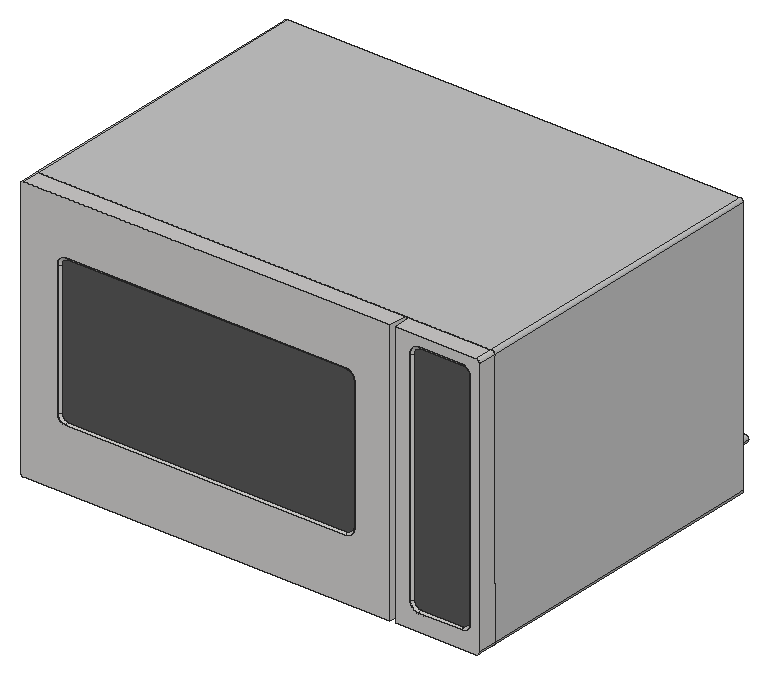
Revit family "FP_Revit_18_CMO-24SS-2_Microwave_90000928A", category Specialty Equipment, Revit 2018
Family settings
  Round Connector Dimension = Use Diameter
  Part Type = Normal
  OmniClass Number = 23.40.40.14.17.31
  OmniClass Title = Small Specialized Cooking Equipment
  Work Plane-Based = No
  Always vertical = Yes
  Cut with Voids When Loaded = Yes
  Shared = No
  Room Calculation Point = No
Parameters
  Visibility - Clearance Required = yes
  URL = "www.fisherpaykel.com"
  Product - Width = 629 mm  # constant formula
  Product - Height = 378 mm  # constant formula
  Product - Depth = 485 mm  # constant formula
  Model = "CMO-24SS-2"
  Material - Glass = Fisher & Paykel - Glass, Black
  Material - Front = Fisher & Paykel - Stainless Steel
  Material - Body = Fisher & Paykel - Grey
  Manufacturer = "Fisher & Paykel Appliances"
  FFL Offset [instance] = 860 mm
  Description = "24\" Convection Microwave"
  Connector Note - Electrical = "120 V, 60 Hz, 15 A"
Reference planes
  plane 1 "Datum": y = 0
  plane 2: z = 0
  plane 3 "Center (Left/Right)": x = 0
  plane 4 "Top": z = 1238
  plane 5 "Product LHS": x = -314.5
  plane 6 "Product RHS": x = 314.5
  plane 7 "Product - Depth": y = 485
  plane 8 "FFL Offset": z = 860
  plane 9 "Base": z = 875.24
Forms (mm)
  Extrusion 1, solid, material "Fisher & Paykel - Stainless Steel" <- "Material - Front"
    sketch origin (0, 0, 0) x (1, 0, 0) y (0, 0, 1)
      loop
        arc (-309.5, 1238) -> (-313.036, 1236.536) -> (-314.5, 1233) r 5
        line (-314.5, 1233) -> (-314.5, 880.24)
        arc (-314.5, 880.24) -> (-313.036, 876.704) -> (-309.5, 875.24) r 5
        line (-309.5, 875.24) -> (309.5, 875.24)
        arc (309.5, 875.24) -> (313.036, 876.704) -> (314.5, 880.24) r 5
        line (314.5, 880.24) -> (314.5, 1233)
        arc (314.5, 1233) -> (313.036, 1236.536) -> (309.5, 1238) r 5
        line (309.5, 1238) -> (-309.5, 1238)
      loop
        arc (-251.52, 1164.165) -> (-260.005, 1160.65) -> (-263.52, 1152.165) r 12
        line (-263.52, 1152.165) -> (-263.52, 970.265)
        arc (-263.52, 970.265) -> (-260.005, 961.78) -> (-251.52, 958.265) r 12
        line (-251.52, 958.265) -> (130.88, 958.265)
        arc (130.88, 958.265) -> (139.365, 961.78) -> (142.88, 970.265) r 12
        line (142.88, 970.265) -> (142.88, 1152.165)
        arc (142.88, 1152.165) -> (139.365, 1160.65) -> (130.88, 1164.165) r 12
        line (130.88, 1164.165) -> (-251.52, 1164.165)
      loop
        arc (231.08, 1224.49) -> (222.595, 1220.975) -> (219.08, 1212.49) r 12
        line (219.08, 1212.49) -> (219.08, 909.94)
        arc (219.08, 909.94) -> (222.595, 901.455) -> (231.08, 897.94) r 12
        line (231.08, 897.94) -> (289.63, 897.94)
        arc (289.63, 897.94) -> (298.115, 901.455) -> (301.63, 909.94) r 12
        line (301.63, 909.94) -> (301.63, 1212.49)
        arc (301.63, 1212.49) -> (298.115, 1220.975) -> (289.63, 1224.49) r 12
        line (289.63, 1224.49) -> (231.08, 1224.49)
    from -25.4 to 0
  Extrusion 2, void
    sketch origin (0, 0, 0) x (1, 0, 0) y (0, 1, 0)
      loop
        line (193.68, 25.4) -> (191.458, 0) -> (199.077, 0) -> (196.855, 25.4) -> (193.68, 25.4)
    from 860 to 1238
  Extrusion 3, solid, material "Fisher & Paykel - Glass, Black" <- "Material - Glass"
    sketch origin (0, 0, 0) x (1, 0, 0) y (0, 0, 1)
      loop
        arc (-251.52, 1164.165) -> (-260.005, 1160.65) -> (-263.52, 1152.165) r 12
        line (-263.52, 1152.165) -> (-263.52, 970.265)
        arc (-263.52, 970.265) -> (-260.005, 961.78) -> (-251.52, 958.265) r 12
        line (-251.52, 958.265) -> (130.88, 958.265)
        arc (130.88, 958.265) -> (139.365, 961.78) -> (142.88, 970.265) r 12
        line (142.88, 970.265) -> (142.88, 1152.165)
        arc (142.88, 1152.165) -> (139.365, 1160.65) -> (130.88, 1164.165) r 12
        line (130.88, 1164.165) -> (-251.52, 1164.165)
      loop
        line (289.63, 1224.49) -> (231.08, 1224.49)
        arc (231.08, 1224.49) -> (222.595, 1220.975) -> (219.08, 1212.49) r 12
        line (219.08, 1212.49) -> (219.08, 909.94)
        arc (219.08, 909.94) -> (222.595, 901.455) -> (231.08, 897.94) r 12
        line (231.08, 897.94) -> (289.63, 897.94)
        arc (289.63, 897.94) -> (298.115, 901.455) -> (301.63, 909.94) r 12
        line (301.63, 909.94) -> (301.63, 1212.49)
        arc (301.63, 1212.49) -> (298.115, 1220.975) -> (289.63, 1224.49) r 12
    from -25.4 to -3.175
  Extrusion 4, solid, material "Fisher & Paykel - Grey" <- "Material - Body"
    sketch origin (0, 0, 0) x (1, 0, 0) y (0, 0, 1)
      loop
        arc (-309.5, 1238) -> (-313.036, 1236.536) -> (-314.5, 1233) r 5
        line (-314.5, 1233) -> (-314.5, 880.24)
        arc (-314.5, 880.24) -> (-313.036, 876.704) -> (-309.5, 875.24) r 5
        line (-309.5, 875.24) -> (309.5, 875.24)
        arc (309.5, 875.24) -> (313.036, 876.704) -> (314.5, 880.24) r 5
        line (314.5, 880.24) -> (314.5, 1233)
        arc (314.5, 1233) -> (313.036, 1236.536) -> (309.5, 1238) r 5
        line (309.5, 1238) -> (-309.5, 1238)
    from -450.85 to -25.4
  Extrusion 5, solid, material "Fisher & Paykel - Grey" <- "Material - Body"
    sketch origin (0, 0, 0) x (1, 0, 0) y (0, 1, 0)
      loop
        circle (-234.945, 86.36) r 9.302
      loop
        circle (-234.945, 395.923) r 9.302
      loop
        circle (234.945, 86.36) r 9.302
      loop
        circle (234.945, 395.923) r 9.302
    from 860 to 875.24
  Extrusion 6, solid, material "Fisher & Paykel - Grey" <- "Material - Body"
    sketch origin (0, 0, 0) x (1, 0, 0) y (0, 0, 1)
      loop
        line (101.347, 1177.795) -> (-217.225, 1177.795)
        arc (-217.225, 1177.795) -> (-234.903, 1170.473) -> (-242.225, 1152.795) r 25
        line (-242.225, 1152.795) -> (-242.225, 965.985)
        arc (-242.225, 965.985) -> (-234.903, 948.307) -> (-217.225, 940.985) r 25
        line (-217.225, 940.985) -> (101.347, 940.985)
        arc (101.347, 940.985) -> (119.025, 948.307) -> (126.347, 965.985) r 25
        line (126.347, 965.985) -> (126.347, 1152.795)
        arc (126.347, 1152.795) -> (119.025, 1170.473) -> (101.347, 1177.795) r 25
    from -460.375 to -450.85
  Sweep 7, solid, material "Fisher & Paykel - Grey" <- "Material - Body", detail levels fine
    path in 3D
      loop
        arc (101.347, 460.375, 1177.795) -> (119.025, 460.375, 1170.473) -> (126.347, 460.375, 1152.795) r 25
        line (126.347, 460.375, 1152.795) -> (126.347, 460.375, 965.985)
        arc (126.347, 460.375, 965.985) -> (119.025, 460.375, 948.307) -> (101.347, 460.375, 940.985) r 25
        line (101.347, 460.375, 940.985) -> (-217.225, 460.375, 940.985)
        arc (-217.225, 460.375, 940.985) -> (-234.903, 460.375, 948.307) -> (-242.225, 460.375, 965.985) r 25
        line (-242.225, 460.375, 965.985) -> (-242.225, 460.375, 1152.795)
        arc (-242.225, 460.375, 1152.795) -> (-234.903, 460.375, 1170.473) -> (-217.225, 460.375, 1177.795) r 25
        line (-217.225, 460.375, 1177.795) -> (101.347, 460.375, 1177.795)
    profile origin (-57.939, 460.375, 1177.795) x (0, 1, 0) y (0, 0, 1)
      loop
        line (0, 0) -> (-9.525, 9.525) -> (-9.525, 0) -> (0, 0)
  Revolve 8, solid, material "Fisher & Paykel - Grey" <- "Material - Body"
    sketch origin (-202.5, 0, 0) x (0, 1, 0) y (0, 0, 1)
      loop
        line (485, 980.65) -> (485, 992.483)
        arc (485, 992.483) -> (481.575, 995.027) -> (478.15, 992.483) r 3.577
        line (478.15, 992.483) -> (478.15, 989.017) -> (460.375, 989.017) -> (460.375, 980.65) -> (485, 980.65)
      axis (485, 980.65) -> (460.375, 980.65)
    angle from 0 to 360
  Extrusion 9, solid, material "Fisher & Paykel - Grey" <- "Material - Body"
    sketch origin (0, 0, 0) x (1, 0, 0) y (0, 0, 1)
      loop
        circle (289.33, 920.24) r 5
    from -485 to -450.85
  Extrusion 10, void
    sketch origin (0, 0, 0) x (1, 0, 0) y (0, 1, 0)
      loop
        line (-314.5, 485) -> (-314.5, 0) -> (314.5, 0) -> (314.5, 485) -> (-314.5, 485)
    from 860 to 1238
  Sweep 11, solid, material "Fisher & Paykel - Stainless Steel" <- "Material - Front", detail levels fine
    path in 3D
      loop
        arc (-263.52, 0, 1152.165) -> (-260.005, 0, 1160.65) -> (-251.52, 0, 1164.165) r 12
        line (-251.52, 0, 1164.165) -> (130.88, 0, 1164.165)
        arc (130.88, 0, 1164.165) -> (139.365, 0, 1160.65) -> (142.88, 0, 1152.165) r 12
        line (142.88, 0, 1152.165) -> (142.88, 0, 970.265)
        arc (142.88, 0, 970.265) -> (139.365, 0, 961.78) -> (130.88, 0, 958.265) r 12
        line (130.88, 0, 958.265) -> (-251.52, 0, 958.265)
        arc (-251.52, 0, 958.265) -> (-260.005, 0, 961.78) -> (-263.52, 0, 970.265) r 12
        line (-263.52, 0, 970.265) -> (-263.52, 0, 1152.165)
    profile origin (-263.52, 0, 1061.215) x (0, -1, 0) y (1, 0, 0)
      loop
        line (0, 0) -> (-3.175, 3.175) -> (-3.175, 0) -> (0, 0)
  Sweep 12, solid, material "Fisher & Paykel - Stainless Steel" <- "Material - Front", detail levels fine
    path in 3D
      loop
        arc (219.08, 0, 1212.49) -> (222.595, 0, 1220.975) -> (231.08, 0, 1224.49) r 12
        line (231.08, 0, 1224.49) -> (289.63, 0, 1224.49)
        arc (289.63, 0, 1224.49) -> (298.115, 0, 1220.975) -> (301.63, 0, 1212.49) r 12
        line (301.63, 0, 1212.49) -> (301.63, 0, 909.94)
        arc (301.63, 0, 909.94) -> (298.115, 0, 901.455) -> (289.63, 0, 897.94) r 12
        line (289.63, 0, 897.94) -> (231.08, 0, 897.94)
        arc (231.08, 0, 897.94) -> (222.595, 0, 901.455) -> (219.08, 0, 909.94) r 12
        line (219.08, 0, 909.94) -> (219.08, 0, 1212.49)
    profile origin (219.08, 0, 1061.215) x (0, -1, 0) y (1, 0, 0)
      loop
        line (0, 0) -> (-3.175, 3.175) -> (-3.175, 0) -> (0, 0)
Cuts and joins
  Extrusion 2 cuts Extrusion 1
Lines and regions (mm)
  sketch lines
    curve 1: line (-217.225, 460.375, 1177.795) -> (101.347, 460.375, 1177.795)
    curve 2: arc (-217.225, 460.375, 1177.795) -> (-234.903, 460.375, 1170.473) -> (-242.225, 460.375, 1152.795) r 25
    curve 3: line (-242.225, 460.375, 965.985) -> (-242.225, 460.375, 1152.795)
    curve 4: arc (-242.225, 460.375, 965.985) -> (-234.903, 460.375, 948.307) -> (-217.225, 460.375, 940.985) r 25
    curve 5: line (101.347, 460.375, 940.985) -> (-217.225, 460.375, 940.985)
    curve 6: arc (101.347, 460.375, 940.985) -> (119.025, 460.375, 948.307) -> (126.347, 460.375, 965.985) r 25
    curve 7: line (126.347, 460.375, 1152.795) -> (126.347, 460.375, 965.985)
    curve 8: arc (126.347, 460.375, 1152.795) -> (119.025, 460.375, 1170.473) -> (101.347, 460.375, 1177.795) r 25
    curve 9: line (-263.52, 0, 970.265) -> (-263.52, 0, 1152.165)
    curve 10: arc (-251.52, 0, 1164.165) -> (-260.005, 0, 1160.65) -> (-263.52, 0, 1152.165) r 12
    curve 11: line (-251.52, 0, 1164.165) -> (130.88, 0, 1164.165)
    curve 12: arc (142.88, 0, 1152.165) -> (139.365, 0, 1160.65) -> (130.88, 0, 1164.165) r 12
    curve 13: line (142.88, 0, 1152.165) -> (142.88, 0, 970.265)
    curve 14: arc (130.88, 0, 958.265) -> (139.365, 0, 961.78) -> (142.88, 0, 970.265) r 12
    curve 15: line (130.88, 0, 958.265) -> (-251.52, 0, 958.265)
    curve 16: arc (-263.52, 0, 970.265) -> (-260.005, 0, 961.78) -> (-251.52, 0, 958.265) r 12
    curve 17: line (219.08, 0, 909.94) -> (219.08, 0, 1212.49)
    curve 18: arc (231.08, 0, 1224.49) -> (222.595, 0, 1220.975) -> (219.08, 0, 1212.49) r 12
    curve 19: line (231.08, 0, 1224.49) -> (289.63, 0, 1224.49)
    curve 20: arc (301.63, 0, 1212.49) -> (298.115, 0, 1220.975) -> (289.63, 0, 1224.49) r 12
    curve 21: line (301.63, 0, 1212.49) -> (301.63, 0, 909.94)
    curve 22: arc (289.63, 0, 897.94) -> (298.115, 0, 901.455) -> (301.63, 0, 909.94) r 12
    curve 23: line (289.63, 0, 897.94) -> (231.08, 0, 897.94)
    curve 24: arc (219.08, 0, 909.94) -> (222.595, 0, 901.455) -> (231.08, 0, 897.94) r 12
Text (mm)
  text "Due to ongoing product development, product details are subject to change without notice. \nPlease always refer to www.fisherpaykel.com for the most current product information. \n© Fisher & Paykel 2020" at (41.04, -248.295, 0), in view "Ref. Level (Plan)"
Dimensions and locks
  equal spacing: plane 5 "Product LHS", plane 3 "Center (Left/Right)", plane 6 "Product RHS"
  "Product - Width": plane 5 "Product LHS" to plane 6 "Product RHS"
  "Product - Depth": plane 1 "Datum" to plane 7 "Product - Depth"
  "FFL Offset": plane 8 "FFL Offset" to level
  locked: plane 8 "FFL Offset" to Revolve 8 sketch curve at 120.65
  locked: Revolve 8 sketch curve to Revolve 8 sketch curve at 8.367
  locked: Extrusion 9 sketch curve to plane 8 "FFL Offset" at 60.24
  locked: plane 9 "Base" to plane 8 "FFL Offset" at 15.24
  cut or joined group of Extrusion 1, Extrusion 2 to plane 8 "FFL Offset" = 37.94 mm
  cut or joined group of Extrusion 1, Extrusion 2 to plane 8 "FFL Offset" = 98.265 mm
  locked: plane 8 "FFL Offset" to Extrusion 6 at 80.985
  locked: Sweep 7 to plane 8 "FFL Offset" at 80.985
  "Product - Height": plane 4 "Top" to plane 8 "FFL Offset"
  aligned and locked: level to plane 2
  aligned and locked: Extrusion 1 sketch curve to plane 5 "Product LHS"
  aligned and locked: plane 6 "Product RHS" to Extrusion 1 sketch curve
  aligned and locked: Revolve 8 sketch curve to plane 7 "Product - Depth"
  aligned and locked: Extrusion 9 to plane 7 "Product - Depth"
  aligned and locked: Extrusion 4 sketch curve to plane 4 "Top"
  aligned and locked: plane 4 "Top" to Extrusion 10
  aligned and locked: Extrusion 4 sketch curve to plane 9 "Base"
  aligned and locked: Extrusion 1 sketch curve to plane 9 "Base"
  aligned and locked: Extrusion 3 sketch curve to cut or joined group of Extrusion 1, Extrusion 2  (x2)
  aligned and locked: Extrusion 2 to plane 8 "FFL Offset"
  aligned and locked: Extrusion 5 to plane 8 "FFL Offset"
  aligned and locked: Extrusion 5 to Extrusion 4
  aligned and locked: Extrusion 10 to Extrusion 5
  aligned and locked: plane 4 "Top" to Extrusion 2
Automatic sketch dimensions
  plane 1 "Datum" to Extrusion 2 sketch curve = 0 mm
  plane 6 "Product RHS" to Extrusion 2 sketch curve = 123.042 mm
  Extrusion 2 sketch curve to plane 1 "Datum" = 25.4 mm
  Extrusion 2 sketch curve to Extrusion 2 sketch curve = 2.222 mm
  Extrusion 2 sketch curve to Extrusion 2 sketch curve = 3.175 mm
  Extrusion 2 sketch curve to Extrusion 2 sketch curve = 7.62 mm
  Extrusion 6 sketch curve to plane 5 "Product LHS" = 72.275 mm
  Extrusion 6 sketch curve to Extrusion 6 sketch curve = 25 mm  (x3)
  plane 3 "Center (Left/Right)" to Extrusion 6 sketch curve = 101.347 mm  (x2)
  level to Extrusion 6 sketch curve = 940.985 mm
  Extrusion 6 sketch curve to plane 4 "Top" = 85.205 mm
  Sweep 7 sketch curve to profile plane = 0 mm  (x2)
  profile plane to Sweep 7 sketch curve = 9.525 mm  (x2)
  Extrusion 5 sketch curve to plane 5 "Product LHS" = 79.555 mm  (x2)
  plane 6 "Product RHS" to Extrusion 5 sketch curve = 79.555 mm  (x2)
  Extrusion 5 sketch curve to plane 1 "Datum" = 86.36 mm  (x2)
  Extrusion 5 sketch curve to plane 7 "Product - Depth" = 89.077 mm  (x2)
  Revolve 8 sketch curve to plane 7 "Product - Depth" = 3.425 mm
  Revolve 8 sketch curve to Revolve 8 sketch curve = 3.425 mm
  Revolve 8 sketch curve to Revolve 8 sketch curve = 17.775 mm
  Revolve 8 sketch curve to Revolve 8 sketch curve = 2.432 mm
  Revolve 8 sketch curve to Revolve 8 sketch curve = 1.033 mm
  Revolve 8 sketch curve to Revolve 8 sketch curve = 23.464 mm
  Revolve 8 sketch curve to Revolve 8 sketch curve = 0.407 mm
  Revolve 8 sketch curve to Revolve 8 sketch curve = 0 mm
  plane 6 "Product RHS" to Extrusion 9 sketch curve = 25.17 mm
  plane 1 "Datum" to Extrusion 10 sketch curve = 0 mm
  Extrusion 10 sketch curve to plane 5 "Product LHS" = 0 mm
  Extrusion 10 sketch curve to plane 6 "Product RHS" = 0 mm
  Extrusion 10 sketch curve to plane 7 "Product - Depth" = 0 mm
  plane 5 "Product LHS" to Extrusion 4 sketch curve = 0 mm
  plane 6 "Product RHS" to Extrusion 4 sketch curve = 0 mm
  Extrusion 4 sketch curve to plane 5 "Product LHS" = 5 mm  (x2)
  Extrusion 4 sketch curve to Extrusion 4 sketch curve = 5 mm
  plane 6 "Product RHS" to Extrusion 4 sketch curve = 5 mm
  Extrusion 1 sketch curve to plane 4 "Top" = 0 mm
  Extrusion 1 sketch curve to plane 5 "Product LHS" = 5 mm  (x2)
  Extrusion 1 sketch curve to plane 5 "Product LHS" = 50.98 mm
  Extrusion 1 sketch curve to Extrusion 1 sketch curve = 12 mm  (x5)
  plane 3 "Center (Left/Right)" to Extrusion 1 sketch curve = 130.88 mm  (x2)
  Extrusion 1 sketch curve to plane 4 "Top" = 25.51 mm
  plane 6 "Product RHS" to Extrusion 1 sketch curve = 95.42 mm
  Extrusion 1 sketch curve to plane 4 "Top" = 13.51 mm
  Extrusion 1 sketch curve to plane 9 "Base" = 22.7 mm
  plane 6 "Product RHS" to Extrusion 1 sketch curve = 24.87 mm  (x2)
  plane 6 "Product RHS" to Extrusion 1 sketch curve = 5 mm  (x2)
  Extrusion 1 sketch curve to plane 9 "Base" = 83.025 mm
  Extrusion 1 sketch curve to plane 4 "Top" = 85.835 mm
  Extrusion 3 sketch curve to plane 5 "Product LHS" = 50.98 mm
  Extrusion 3 sketch curve to Extrusion 3 sketch curve = 12 mm  (x5)
  plane 3 "Center (Left/Right)" to Extrusion 3 sketch curve = 130.88 mm  (x2)
  Extrusion 3 sketch curve to plane 4 "Top" = 25.51 mm
  plane 6 "Product RHS" to Extrusion 3 sketch curve = 95.42 mm
  Extrusion 3 sketch curve to plane 4 "Top" = 13.51 mm
  plane 6 "Product RHS" to Extrusion 3 sketch curve = 24.87 mm  (x2)
  Extrusion 3 sketch curve to plane 4 "Top" = 85.835 mm
  Sweep 11 sketch curve to profile plane = 0 mm  (x2)
  profile plane to Sweep 11 sketch curve = 3.175 mm  (x2)
  Sweep 12 sketch curve to profile plane = 0 mm  (x2)
  profile plane to Sweep 12 sketch curve = 3.175 mm  (x2)
  radius of Extrusion 9 sketch curve = 5 mm
  radius of Extrusion 5 sketch curve = 9.302 mm  (x4)
Connectors
  electrical at (289.33, 485, 920.24), driven by "Connector Note - Electrical"
    settings: on Extrusion 9, index 1, voltage 120 V, apparent load 0 VA, apparent load phase1 0 VA, apparent load phase2 0 VA, apparent load phase3 0 VA, power factor 1, load classification "Other", number of poles 1, system type 30, power factor state 1, is connector primary yes, connector utility no, sub classification motor no, connector description "120 V, 60 Hz, 15 A"
